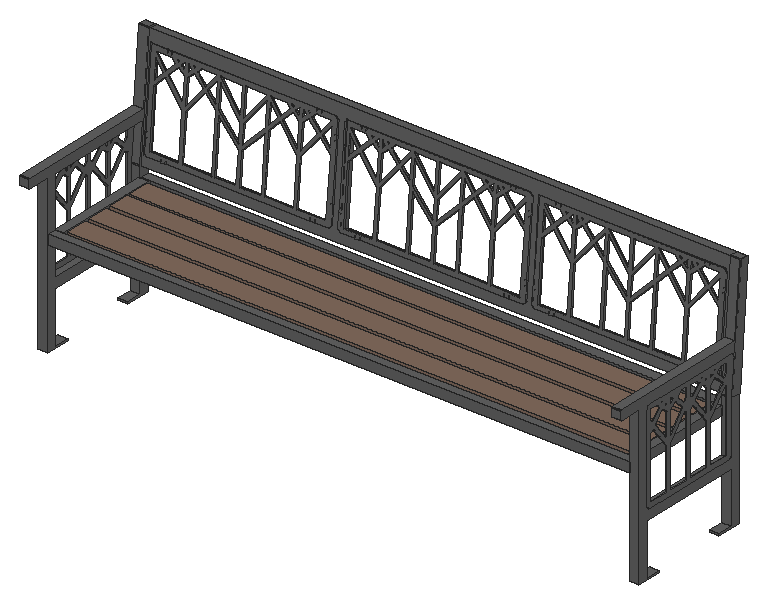
Revit family (continued)
Definition of nested family "Bench-End-SiteScapes-Square_Steel_Tube"
  Lines and regions (in)
    Masking region 3, detail levels medium+fine
      outline origin (0, 0, 0) x (0, 1, 0) y (0, 0, 1)
        loop
          arc (-0.25002, 1.99994) -> (-0.26512, 2.01494) -> (-0.25009, 2.03) r 0.01503
          line (-0.25009, 2.03) -> (-0.00003, 2.03) -> (-0.00003, 2.78) -> (-0.25009, 2.78)
          arc (-0.25009, 2.78) -> (-0.26512, 2.79503) -> (-0.25009, 2.81006) r 0.01503
          line (-0.25009, 2.81006) -> (-0.00003, 2.81006) -> (-0.00003, 7.49171) -> (-0.25005, 7.49171)
          arc (-0.25005, 7.49171) -> (-0.26512, 7.50672) -> (-0.25009, 7.52177) r 0.01503
          line (-0.25009, 7.52177) -> (-0.00003, 7.52177) -> (-0.00003, 8.27177) -> (-0.25009, 8.27177)
          arc (-0.25009, 8.27177) -> (-0.26512, 8.2868) -> (-0.25009, 8.30183) r 0.01503
          line (-0.25009, 8.30183) -> (-0.00003, 8.30183) -> (-0.00003, 8.55177) -> (0.51004, 14.3819) -> (0.09209, 14.88) -> (-1.44632, 14.88) -> (-1.44632, 14.63001)
          arc (-1.44632, 14.63001) -> (-1.46129, 14.61486) -> (-1.47638, 14.62989) r 0.01503
          line (-1.47638, 14.62989) -> (-1.47638, 14.88) -> (-2.22638, 14.88) -> (-2.22638, 14.62994)
          arc (-2.22638, 14.62994) -> (-2.24141, 14.61491) -> (-2.25644, 14.62994) r 0.01503
          line (-2.25644, 14.62994) -> (-2.25644, 14.88)
        loop
          line (-14.87813, 14.16875) -> (-16.10003, 14.16875)
          arc (-16.10003, 14.16875) -> (-16.12124, 14.15996) -> (-16.13003, 14.13875) r 0.03
          line (-16.13003, 14.13875) -> (-16.13003, 12.61553) -> (-15.63586, 11.98918)
          arc (-15.63586, 11.98918) -> (-15.58972, 11.96555) -> (-15.54161, 11.98487) r 0.0625
          line (-15.54161, 11.98487) -> (-14.15542, 13.43984)
          arc (-14.15542, 13.43984) -> (-14.13823, 13.48554) -> (-14.15915, 13.52966) r 0.0625
          line (-14.15915, 13.52966) -> (-14.87813, 14.16875)
        loop
          arc (-13.50926, 14.11806) -> (-13.50341, 14.15057) -> (-13.53099, 14.16875) r 0.03
          line (-13.53099, 14.16875) -> (-13.95255, 14.16875)
          arc (-13.95255, 14.16875) -> (-13.98059, 14.14941) -> (-13.97248, 14.11633) r 0.03
          line (-13.97248, 14.11633) -> (-13.76769, 13.93429)
          arc (-13.76769, 13.93429) -> (-13.72357, 13.91856) -> (-13.68091, 13.93789) r 0.0625
          line (-13.68091, 13.93789) -> (-13.50926, 14.11806)
        loop
          arc (-13.25732, 13.56703) -> (-13.27446, 13.52135) -> (-13.25353, 13.47727) r 0.0625
          line (-13.25353, 13.47727) -> (-12.75891, 13.03761)
          arc (-12.75891, 13.03761) -> (-12.72535, 13.03245) -> (-12.7069, 13.06096) r 0.03125
          line (-12.7069, 13.06096) -> (-12.7069, 14.06666)
          arc (-12.7069, 14.06666) -> (-12.72654, 14.09567) -> (-12.76078, 14.08821) r 0.03125
          line (-12.76078, 14.08821) -> (-13.25732, 13.56703)
        loop
          arc (-16.07642, 11.6899) -> (-16.10982, 11.69974) -> (-16.13003, 11.67138) r 0.03
          line (-16.13003, 11.67138) -> (-16.13003, 11.44224)
          arc (-16.13003, 11.44224) -> (-16.11113, 11.41437) -> (-16.07824, 11.42161) r 0.03
          line (-16.07824, 11.42161) -> (-15.99892, 11.50487)
          arc (-15.99892, 11.50487) -> (-15.98168, 11.54509) -> (-15.99505, 11.58676) r 0.0625
          line (-15.99505, 11.58676) -> (-16.07642, 11.6899)
        loop
          arc (-15.20201, 11.52586) -> (-15.21915, 11.48567) -> (-15.20579, 11.44407) r 0.0625
          line (-15.20579, 11.44407) -> (-12.81847, 8.4182)
          arc (-12.81847, 8.4182) -> (-12.74891, 8.39787) -> (-12.7069, 8.45691) r 0.0625
          line (-12.7069, 8.45691) -> (-12.7069, 12.23877) -> (-13.64492, 13.07257)
          arc (-13.64492, 13.07257) -> (-13.68912, 13.08837) -> (-13.73186, 13.06895) r 0.0625
          line (-13.73186, 13.06895) -> (-15.20201, 11.52586)
        loop
          arc (-15.5649, 11.04156) -> (-15.61106, 11.06528) -> (-15.65922, 11.04596) r 0.0625
          line (-15.65922, 11.04596) -> (-16.13, 10.55182) -> (-16.13, 0.74126)
          arc (-16.13, 0.74126) -> (-16.12121, 0.72004) -> (-16.09999, 0.71125) r 0.03001
          line (-16.09999, 0.71125) -> (-12.73686, 0.71125)
          arc (-12.73686, 0.71125) -> (-12.71566, 0.72003) -> (-12.70687, 0.74124) r 0.02999
          line (-12.70687, 0.74124) -> (-12.70687, 7.41907) -> (-15.5649, 11.04156)
        loop
          arc (-12.0905, 14.08821) -> (-12.12473, 14.09567) -> (-12.14437, 14.06666) r 0.03125
          line (-12.14437, 14.06666) -> (-12.14437, 13.06096)
          arc (-12.14437, 13.06096) -> (-12.12593, 13.03245) -> (-12.09236, 13.03761) r 0.03125
          line (-12.09236, 13.03761) -> (-11.59774, 13.47727)
          arc (-11.59774, 13.47727) -> (-11.57682, 13.52135) -> (-11.59395, 13.56703) r 0.0625
          line (-11.59395, 13.56703) -> (-12.0905, 14.08821)
        loop
          arc (-10.8788, 14.11633) -> (-10.87069, 14.14941) -> (-10.89873, 14.16875) r 0.03
          line (-10.89873, 14.16875) -> (-11.32029, 14.16875)
          arc (-11.32029, 14.16875) -> (-11.34787, 14.15057) -> (-11.34201, 14.11806) r 0.03
          line (-11.34201, 14.11806) -> (-11.17036, 13.93789)
          arc (-11.17036, 13.93789) -> (-11.1277, 13.91856) -> (-11.08359, 13.93429) r 0.0625
          line (-11.08359, 13.93429) -> (-10.8788, 14.11633)
        loop
          arc (-10.69212, 13.52966) -> (-10.71305, 13.48554) -> (-10.69585, 13.43984) r 0.0625
          line (-10.69585, 13.43984) -> (-9.30966, 11.98487)
          arc (-9.30966, 11.98487) -> (-9.26156, 11.96555) -> (-9.21542, 11.98918) r 0.0625
          line (-9.21542, 11.98918) -> (-8.72125, 12.61553) -> (-8.72125, 14.13875)
          arc (-8.72125, 14.13875) -> (-8.73004, 14.15996) -> (-8.75125, 14.16875) r 0.03
          line (-8.75125, 14.16875) -> (-9.97315, 14.16875) -> (-10.69212, 13.52966)
        loop
          arc (-11.11942, 13.06895) -> (-11.16215, 13.08837) -> (-11.20635, 13.07257) r 0.0625
          line (-11.20635, 13.07257) -> (-12.14437, 12.23877) -> (-12.14437, 8.45691)
          arc (-12.14437, 8.45691) -> (-12.10236, 8.39787) -> (-12.03281, 8.4182) r 0.0625
          line (-12.03281, 8.4182) -> (-9.64549, 11.44407)
          arc (-9.64549, 11.44407) -> (-9.63212, 11.48567) -> (-9.64927, 11.52586) r 0.0625
          line (-9.64927, 11.52586) -> (-11.11942, 13.06895)
        loop
          arc (-8.77303, 11.42161) -> (-8.74015, 11.41437) -> (-8.72125, 11.44224) r 0.03
          line (-8.72125, 11.44224) -> (-8.72125, 11.67138)
          arc (-8.72125, 11.67138) -> (-8.74145, 11.69974) -> (-8.77485, 11.6899) r 0.03
          line (-8.77485, 11.6899) -> (-8.85623, 11.58676)
          arc (-8.85623, 11.58676) -> (-8.86959, 11.54509) -> (-8.85236, 11.50487) r 0.0625
          line (-8.85236, 11.50487) -> (-8.77303, 11.42161)
        loop
          line (-12.1444, 7.41907) -> (-12.1444, 0.74124)
          arc (-12.1444, 0.74124) -> (-12.13562, 0.72003) -> (-12.11441, 0.71125) r 0.02999
          line (-12.11441, 0.71125) -> (-8.75129, 0.71125)
          arc (-8.75129, 0.71125) -> (-8.73007, 0.72004) -> (-8.72128, 0.74126) r 0.03001
          line (-8.72128, 0.74126) -> (-8.72128, 10.55182) -> (-9.19206, 11.04596)
          arc (-9.19206, 11.04596) -> (-9.24022, 11.06528) -> (-9.28637, 11.04156) r 0.0625
          line (-9.28637, 11.04156) -> (-12.1444, 7.41907)
        loop
          line (-8.1588, 12.61553) -> (-7.66463, 11.98918)
          arc (-7.66463, 11.98918) -> (-7.61849, 11.96555) -> (-7.57039, 11.98487) r 0.0625
          line (-7.57039, 11.98487) -> (-6.1842, 13.43984)
          arc (-6.1842, 13.43984) -> (-6.167, 13.48554) -> (-6.18793, 13.52966) r 0.0625
          line (-6.18793, 13.52966) -> (-6.9069, 14.16875) -> (-8.1288, 14.16875)
          arc (-8.1288, 14.16875) -> (-8.15002, 14.15996) -> (-8.1588, 14.13875) r 0.03
          line (-8.1588, 14.13875) -> (-8.1588, 12.61553)
        loop
          arc (-5.53804, 14.11806) -> (-5.53219, 14.15057) -> (-5.55976, 14.16875) r 0.03
          line (-5.55976, 14.16875) -> (-5.98132, 14.16875)
          arc (-5.98132, 14.16875) -> (-6.00936, 14.14941) -> (-6.00125, 14.11633) r 0.03
          line (-6.00125, 14.11633) -> (-5.79646, 13.93429)
          arc (-5.79646, 13.93429) -> (-5.75235, 13.91856) -> (-5.70969, 13.93789) r 0.0625
          line (-5.70969, 13.93789) -> (-5.53804, 14.11806)
        loop
          arc (-8.02769, 11.50487) -> (-8.01046, 11.54509) -> (-8.02382, 11.58676) r 0.0625
          line (-8.02382, 11.58676) -> (-8.1052, 11.6899)
          arc (-8.1052, 11.6899) -> (-8.1386, 11.69974) -> (-8.1588, 11.67138) r 0.03
          line (-8.1588, 11.67138) -> (-8.1588, 11.44224)
          arc (-8.1588, 11.44224) -> (-8.1399, 11.41437) -> (-8.10702, 11.42161) r 0.03
          line (-8.10702, 11.42161) -> (-8.02769, 11.50487)
        loop
          arc (-4.78769, 13.03761) -> (-4.75413, 13.03245) -> (-4.73568, 13.06096) r 0.03125
          line (-4.73568, 13.06096) -> (-4.73568, 14.06666)
          arc (-4.73568, 14.06666) -> (-4.75532, 14.09567) -> (-4.78955, 14.08821) r 0.03125
          line (-4.78955, 14.08821) -> (-5.2861, 13.56703)
          arc (-5.2861, 13.56703) -> (-5.30323, 13.52135) -> (-5.28231, 13.47727) r 0.0625
          line (-5.28231, 13.47727) -> (-4.78769, 13.03761)
        loop
          arc (-5.6737, 13.07257) -> (-5.7179, 13.08837) -> (-5.76063, 13.06895) r 0.0625
          line (-5.76063, 13.06895) -> (-7.23078, 11.52586)
          arc (-7.23078, 11.52586) -> (-7.24793, 11.48567) -> (-7.23456, 11.44407) r 0.0625
          line (-7.23456, 11.44407) -> (-4.84724, 8.4182)
          arc (-4.84724, 8.4182) -> (-4.77769, 8.39787) -> (-4.73568, 8.45691) r 0.0625
          line (-4.73568, 8.45691) -> (-4.73568, 12.23877) -> (-5.6737, 13.07257)
        loop
          arc (-7.59368, 11.04156) -> (-7.63983, 11.06528) -> (-7.68799, 11.04596) r 0.0625
          line (-7.68799, 11.04596) -> (-8.15878, 10.55182) -> (-8.15878, 0.74126)
          arc (-8.15878, 0.74126) -> (-8.14999, 0.72004) -> (-8.12877, 0.71125) r 0.03001
          line (-8.12877, 0.71125) -> (-4.76564, 0.71125)
          arc (-4.76564, 0.71125) -> (-4.74443, 0.72003) -> (-4.73565, 0.74124) r 0.02999
          line (-4.73565, 0.74124) -> (-4.73565, 7.41907) -> (-7.59368, 11.04156)
        loop
          line (-0.75002, 12.61553) -> (-0.75002, 14.13875)
          arc (-0.75002, 14.13875) -> (-0.75881, 14.15996) -> (-0.78002, 14.16875) r 0.03
          line (-0.78002, 14.16875) -> (-2.00192, 14.16875) -> (-2.7209, 13.52966)
          arc (-2.7209, 13.52966) -> (-2.74182, 13.48554) -> (-2.72463, 13.43984) r 0.0625
          line (-2.72463, 13.43984) -> (-1.33844, 11.98487)
          arc (-1.33844, 11.98487) -> (-1.29033, 11.96555) -> (-1.24419, 11.98918) r 0.0625
          line (-1.24419, 11.98918) -> (-0.75002, 12.61553)
        loop
          line (-3.37079, 14.11806) -> (-3.19914, 13.93789)
          arc (-3.19914, 13.93789) -> (-3.15648, 13.91856) -> (-3.11237, 13.93429) r 0.0625
          line (-3.11237, 13.93429) -> (-2.90757, 14.11633)
          arc (-2.90757, 14.11633) -> (-2.89946, 14.14941) -> (-2.92751, 14.16875) r 0.03
          line (-2.92751, 14.16875) -> (-3.34907, 14.16875)
          arc (-3.34907, 14.16875) -> (-3.37664, 14.15057) -> (-3.37079, 14.11806) r 0.03
        loop
          line (-0.88113, 11.50487) -> (-0.80181, 11.42161)
          arc (-0.80181, 11.42161) -> (-0.76892, 11.41437) -> (-0.75002, 11.44224) r 0.03
          line (-0.75002, 11.44224) -> (-0.75002, 11.67138)
          arc (-0.75002, 11.67138) -> (-0.77023, 11.69974) -> (-0.80363, 11.6899) r 0.03
          line (-0.80363, 11.6899) -> (-0.88501, 11.58676)
          arc (-0.88501, 11.58676) -> (-0.89837, 11.54509) -> (-0.88113, 11.50487) r 0.0625
        loop
          line (-4.12114, 13.03761) -> (-3.62652, 13.47727)
          arc (-3.62652, 13.47727) -> (-3.60559, 13.52135) -> (-3.62273, 13.56703) r 0.0625
          line (-3.62273, 13.56703) -> (-4.11927, 14.08821)
          arc (-4.11927, 14.08821) -> (-4.15351, 14.09567) -> (-4.17315, 14.06666) r 0.03125
          line (-4.17315, 14.06666) -> (-4.17315, 13.06096)
          arc (-4.17315, 13.06096) -> (-4.1547, 13.03245) -> (-4.12114, 13.03761) r 0.03125
        loop
          line (-3.23513, 13.07257) -> (-4.17315, 12.23877) -> (-4.17315, 8.45691)
          arc (-4.17315, 8.45691) -> (-4.13114, 8.39787) -> (-4.06158, 8.4182) r 0.0625
          line (-4.06158, 8.4182) -> (-1.67427, 11.44407)
          arc (-1.67427, 11.44407) -> (-1.6609, 11.48567) -> (-1.67805, 11.52586) r 0.0625
          line (-1.67805, 11.52586) -> (-3.14819, 13.06895)
          arc (-3.14819, 13.06895) -> (-3.19093, 13.08837) -> (-3.23513, 13.07257) r 0.0625
        loop
          line (-1.31515, 11.04156) -> (-4.17318, 7.41907) -> (-4.17318, 0.74124)
          arc (-4.17318, 0.74124) -> (-4.16439, 0.72003) -> (-4.14319, 0.71125) r 0.02999
          line (-4.14319, 0.71125) -> (-0.78006, 0.71125)
          arc (-0.78006, 0.71125) -> (-0.75884, 0.72004) -> (-0.75005, 0.74126) r 0.03001
          line (-0.75005, 0.74126) -> (-0.75005, 10.55182) -> (-1.22083, 11.04596)
          arc (-1.22083, 11.04596) -> (-1.26899, 11.06528) -> (-1.31515, 11.04156) r 0.0625
    Masking region 4, detail levels medium+fine
      outline origin (0, -16.88, 0) x (-1, 0, 0) y (0, 0, 1)
        loop
          line (0.5, 8.5) -> (-0.5, 8.5) -> (-0.5, 0) -> (0.5, 0) -> (0.5, 8.5)
        loop
          line (0.5, 14.88) -> (-0.5, 14.88) -> (-0.5, 9.25) -> (0.5, 9.25) -> (0.5, 14.88)
        loop
          line (0.5, 9.20224) -> (-0.5, 9.20224) -> (-0.5, 8.55177) -> (0.5, 8.55177) -> (0.5, 9.20224)
    Masking region 5, detail levels medium+fine
      outline origin (0, 0, 0) x (1, 0, 0) y (0, 1, 0)
        loop
          line (-0.5, 0.51004) -> (-0.5, 0.09209) -> (0.5, 0.09209) -> (0.5, 0.51004) -> (-0.5, 0.51004)
        loop
          line (-0.5, -16.88) -> (0.5, -16.88) -> (0.5, 0) -> (-0.5, 0) -> (-0.5, -16.88)
    model lines, style "Bench Frame", detail levels coarse
      curve 1: line (0, -16.50501, 14.52438) -> (0, -0.18746, 14.52438)
      curve 2: line (0, -16.50501, 0.35563) -> (0, -16.50501, 14.52438)
      curve 3: line (0, -16.50501, 0.35563) -> (0, -0.18746, 0.35563)
      curve 4: line (0, -12.42562, 0.35563) -> (0, -12.42562, 14.52438)
      curve 5: line (0, -16.50501, 10.56593) -> (0, -12.7337, 14.52438)
      curve 6: line (0, -12.42562, 7.49142) -> (0, -16.50501, 12.66196)
      curve 7: line (0, -14.85487, 14.52438) -> (0, -12.42562, 12.36505)
      curve 8: line (0, -8.34623, 0.35563) -> (0, -8.34623, 14.52438)
      curve 9: line (0, -8.34623, 10.56593) -> (0, -12.11755, 14.52438)
      curve 10: line (0, -12.42562, 7.49142) -> (0, -8.34623, 12.66196)
      curve 11: line (0, -9.99638, 14.52438) -> (0, -12.42562, 12.36505)
      curve 12: line (0, -4.26685, 0.35563) -> (0, -4.26685, 14.52438)
      curve 13: line (0, -8.34623, 10.56593) -> (0, -4.57492, 14.52438)
      curve 14: line (0, -4.26685, 7.49142) -> (0, -8.34623, 12.66196)
      curve 15: line (0, -6.69609, 14.52438) -> (0, -4.26685, 12.36505)
      curve 16: line (0, -0.18746, 0.35563) -> (0, -0.18746, 14.52438)
      curve 17: line (0, -0.18746, 10.56593) -> (0, -3.95877, 14.52438)
      curve 18: line (0, -4.26685, 7.49142) -> (0, -0.18746, 12.66196)
      curve 19: line (0, -1.8376, 14.52438) -> (0, -4.26685, 12.36505)
  Dimensions and locks (in)
    equal spacing: plane 4 "Left", plane 3 "Center (Left/Right)", plane 5 "Right"
    "Thickness": plane 4 "Left" to plane 5 "Right"
    "Depth": plane 6 "Front" to plane 1 "Center (Front/Back)"
    locked: plane 8 "Back Inset" to plane 1 "Center (Front/Back)" at 0.75
    locked: plane 6 "Front" to plane 7 "Front Inset" at 0.75
    "Height": plane 10 "Top" to plane 2 "Original Bottom"
    locked: plane 10 "Top" to plane 11 at 0.71125
    locked: plane 12 "Bottom Inset" to plane 2 "Original Bottom" at 0.71125
    aligned and locked: plane 2 "Original Bottom" to level
    aligned and locked: plane 5 "Right" to Sweep 1 sketch curve
    aligned and locked: plane 4 "Left" to Sweep 1 sketch curve
    aligned and locked: plane 6 "Front" to Masking region 1 sketch curve
    aligned and locked: plane 1 "Center (Front/Back)" to Masking region 1 sketch curve
    aligned and locked: Masking region 1 sketch curve to plane 5 "Right"
    aligned and locked: Masking region 1 sketch curve to plane 4 "Left"
    aligned and locked: Masking region 2 sketch curve to plane 5 "Right"
    aligned and locked: Masking region 2 sketch curve to plane 4 "Left"
    aligned and locked: plane 2 "Original Bottom" to Masking region 2 sketch curve
    aligned and locked: plane 7 "Front Inset" to Sweep 1
    aligned and locked: plane 10 "Top" to Sweep 1
    aligned and locked: Sweep 1 to plane 11
    aligned and locked: plane 4 "Left" to Sweep 1
    aligned and locked: Sweep 1 to plane 5 "Right"
    aligned and locked: Masking region 3 sketch curve to Sweep 1  (x112)
    aligned and locked: Masking region 4 sketch curve to Sweep 1  (x6)
    aligned and locked: plane 9 "Top Inset" to Masking region 4 sketch curve
    aligned and locked: Sweep 1 to Masking region 4 sketch curve
    aligned and locked: Masking region 4 sketch curve to Masking region 2  (x2)
    aligned and locked: plane 4 "Left" to Masking region 4 sketch curve
    aligned and locked: Masking region 5 sketch curve to Sweep 1  (x5)
    aligned and locked: Masking region 5 sketch curve to Masking region 1  (x2)
  Automatic sketch dimensions
    plane 6 "Front" to curve 2 = 0' - 0 3/8"
    curve 11 to plane 11 = 0' - 1.8037"
    curve 5 to curve 11 = 0' - 0.30807"
    curve 9 to curve 11 = 0' - 2.12117"
    curve 15 to curve 13 = 0' - 2.12117"
    curve 18 to plane 9 "Top Inset" = 0' - 1.00858"
    curve 18 to plane 8 "Back Inset" = 0' - 3.51685"
    plane 1 "Center (Front/Back)" to curve 16 = 0' - 0.18746"
    curve 14 to curve 18 = 0' - 0"
    curve 10 to plane 9 "Top Inset" = 0' - 1.00858"
    curve 6 to curve 10 = 0' - 0"
    plane 9 "Top Inset" to curve 13 = 0' - 2.06593"
    curve 9 to curve 13 = 0' - 0"
    curve 15 to plane 11 = 0' - 1.8037"
    curve 19 to curve 15 = 0' - 0"
    curve 7 to curve 11 = 0' - 0"
    curve 14 to plane 11 = 0' - 1.50679"
    curve 10 to curve 14 = 0' - 0"
    curve 18 to plane 11 = 0' - 1.50679"
    plane 9 "Top Inset" to Sweep 1 sketch curve = 0' - 0 3/4"
    profile plane to Sweep 1 sketch curve = 0' - 5.63"  (x2)
    plane 1 "Center (Front/Back)" to Sweep 1 sketch curve = 0' - 1.44632"
    Sweep 1 sketch curve to Sweep 1 sketch curve = 0' - 0"  (x36)
    Sweep 1 sketch curve to Sweep 1 sketch curve = 0' - 0 1/4"  (x5)
    Sweep 1 sketch curve to Sweep 1 sketch curve = 0' - 0.25006"  (x3)
    Sweep 1 sketch curve to Sweep 1 sketch curve = 0' - 0.00004"
    Sweep 1 sketch curve to Sweep 1 sketch curve = 0' - 0.25007"  (x2)
    Sweep 1 sketch curve to Sweep 1 sketch curve = 0' - 0.00012"
    Sweep 1 sketch curve to plane 1 "Center (Front/Back)" = 0' - 0.51004"
    Sweep 1 sketch curve to Sweep 1 sketch curve = 0' - 0.4981"
    Sweep 1 sketch curve to Sweep 1 sketch curve = 0' - 0 1/2"  (x2)
    Sweep 1 sketch curve to Sweep 1 sketch curve = 0' - 0.71125"
    Sweep 1 sketch curve to Sweep 1 sketch curve = 0' - 0.46123"  (x2)
    plane 1 "Center (Front/Back)" to Sweep 1 sketch curve = 0' - 2.00192"
    Sweep 1 sketch curve to Sweep 1 sketch curve = 0' - 0.46119"  (x3)
    Sweep 1 sketch curve to Sweep 1 sketch curve = 0' - 0.03"  (x15)
    Sweep 1 sketch curve to Sweep 1 sketch curve = 0' - 0.02069"  (x4)
    plane 1 "Center (Front/Back)" to Sweep 1 sketch curve = 0' - 3.37079"
    Sweep 1 sketch curve to Sweep 1 sketch curve = 0' - 0.02242"  (x4)
    plane 1 "Center (Front/Back)" to Sweep 1 sketch curve = 0' - 2.90757"
    Sweep 1 sketch curve to Sweep 1 sketch curve = 0' - 0.02984"  (x2)
    Sweep 1 sketch curve to Sweep 1 sketch curve = 0' - 0.02156"  (x4)
    Sweep 1 sketch curve to Sweep 1 sketch curve = 0' - 0.15775"  (x4)
    Sweep 1 sketch curve to Sweep 1 sketch curve = 0' - 0.04311"  (x14)
    Sweep 1 sketch curve to Sweep 1 sketch curve = 0' - 0.04671"  (x12)
    plane 1 "Center (Front/Back)" to Sweep 1 sketch curve = 0' - 3.11237"
    Sweep 1 sketch curve to Sweep 1 sketch curve = 0' - 0.37086"  (x4)
    Sweep 1 sketch curve to Sweep 1 sketch curve = 0' - 0.40463"  (x4)
    Sweep 1 sketch curve to Sweep 1 sketch curve = 0' - 0.04305"  (x4)
    Sweep 1 sketch curve to Sweep 1 sketch curve = 0' - 0.4047"  (x4)
    Sweep 1 sketch curve to Sweep 1 sketch curve = 0' - 0.00362"  (x4)
    Sweep 1 sketch curve to Sweep 1 sketch curve = 0' - 0.46302"  (x2)
    Sweep 1 sketch curve to Sweep 1 sketch curve = 0' - 0.02336"  (x4)
    Sweep 1 sketch curve to Sweep 1 sketch curve = 0' - 0.04302"  (x2)
    Sweep 1 sketch curve to Sweep 1 sketch curve = 0' - 0.04664"  (x2)
    Sweep 1 sketch curve to Sweep 1 sketch curve = 0' - 1.25869"
    Sweep 1 sketch curve to Sweep 1 sketch curve = 0' - 0.01503"  (x18)
    Sweep 1 sketch curve to Sweep 1 sketch curve = 0' - 0.03006"  (x3)
    Sweep 1 sketch curve to Sweep 1 sketch curve = 0' - 1.52322"  (x2)
    plane 1 "Center (Front/Back)" to Sweep 1 sketch curve = 0' - 0.75002"
    Sweep 1 sketch curve to Sweep 1 sketch curve = 0' - 0.23447"
    Sweep 1 sketch curve to Sweep 1 sketch curve = 0' - 0.79883"  (x2)
    Sweep 1 sketch curve to Sweep 1 sketch curve = 0' - 0 3/4"  (x7)
    Sweep 1 sketch curve to Sweep 1 sketch curve = 0' - 0.58755"  (x4)
    Sweep 1 sketch curve to Sweep 1 sketch curve = 0' - 0.0388"  (x4)
    plane 1 "Center (Front/Back)" to Sweep 1 sketch curve = 0' - 1.33844"
    Sweep 1 sketch curve to Sweep 1 sketch curve = 0' - 0.29928"  (x4)
    plane 1 "Center (Front/Back)" to Sweep 1 sketch curve = 0' - 0.80363"
    Sweep 1 sketch curve to Sweep 1 sketch curve = 0' - 0.01852"  (x4)
    plane 1 "Center (Front/Back)" to Sweep 1 sketch curve = 0' - 0.88501"
    Sweep 1 sketch curve to Sweep 1 sketch curve = 0' - 0.10314"  (x4)
    Sweep 1 sketch curve to Sweep 1 sketch curve = 0' - 0.03871"  (x14)
    Sweep 1 sketch curve to Sweep 1 sketch curve = 0' - 0.45901"  (x4)
    plane 1 "Center (Front/Back)" to Sweep 1 sketch curve = 0' - 0.88113"
    Sweep 1 sketch curve to Sweep 1 sketch curve = 0' - 0.04317"  (x4)
    Sweep 1 sketch curve to Sweep 1 sketch curve = 0' - 0.04307"  (x4)
    Sweep 1 sketch curve to Sweep 1 sketch curve = 0' - 0.10581"  (x4)
    Sweep 1 sketch curve to Sweep 1 sketch curve = 0' - 0.02063"  (x4)
    Sweep 1 sketch curve to Sweep 1 sketch curve = 0' - 0.37565"  (x4)
    Sweep 1 sketch curve to Sweep 1 sketch curve = 0' - 0.0044"  (x4)
    plane 1 "Center (Front/Back)" to Sweep 1 sketch curve = 0' - 1.31515"
    Sweep 1 sketch curve to Sweep 1 sketch curve = 0' - 0.49414"  (x3)
    plane 1 "Center (Front/Back)" to Sweep 1 sketch curve = 0' - 0.00003"  (x5)
    Sweep 1 sketch curve to profile plane = 0' - 0.69823"
    Sweep 1 sketch curve to profile plane = 0' - 0.79309"  (x2)
    Sweep 1 sketch curve to Sweep 1 sketch curve = 0' - 0.24994"
    Sweep 1 sketch curve to Sweep 1 sketch curve = 0' - 0.99913"  (x2)
    plane 1 "Center (Front/Back)" to Sweep 1 sketch curve = 0' - 0.25009"
    Sweep 1 sketch curve to Sweep 1 sketch curve = 0' - 4.68165"
    Sweep 1 sketch curve to Sweep 1 sketch curve = 0' - 4.60901"
    Sweep 1 sketch curve to Sweep 1 sketch curve = 0' - 1.25868"  (x2)
    Sweep 1 sketch curve to Sweep 1 sketch curve = 0' - 6.67781"
    Sweep 1 sketch curve to Sweep 1 sketch curve = 0' - 0.02999"  (x2)
    Sweep 1 sketch curve to Sweep 1 sketch curve = 0' - 0.03001"  (x2)
    Sweep 1 sketch curve to Sweep 1 sketch curve = 0' - 0.24126"  (x2)
    Sweep 1 sketch curve to Sweep 1 sketch curve = 0' - 0.4612"
    Sweep 1 sketch curve to Sweep 1 sketch curve = 0' - 0.00003"  (x2)
    Sweep 1 sketch curve to plane 1 "Center (Front/Back)" = 0' - 0.09209"
    plane 1 "Center (Front/Back)" to Sweep 1 sketch curve = 0' - 0.50003"
    Sweep 1 sketch curve to Sweep 1 sketch curve = 0' - 0.0536"
    Sweep 1 sketch curve to Sweep 1 sketch curve = 0' - 0.5651"
    Sweep 1 sketch curve to Sweep 1 sketch curve = 0' - 0.09432"
    Sweep 1 sketch curve to Sweep 1 sketch curve = 0' - 0.09425"
    Sweep 1 sketch curve to Sweep 1 sketch curve = 0' - 0.35912"  (x4)
    Sweep 1 sketch curve to Sweep 1 sketch curve = 0' - 0.00378"  (x2)
    Sweep 1 sketch curve to Sweep 1 sketch curve = 0' - 1.21991"
    Sweep 1 sketch curve to Sweep 1 sketch curve = 0' - 0.22445"
    Sweep 1 sketch curve to Sweep 1 sketch curve = 0' - 0.43299"
    Sweep 1 sketch curve to Sweep 1 sketch curve = 0' - 0.04152"  (x6)
    Sweep 1 sketch curve to Sweep 1 sketch curve = 0' - 0.42356"  (x4)
    Sweep 1 sketch curve to Sweep 1 sketch curve = 0' - 0.04534"  (x2)
    Sweep 1 sketch curve to Sweep 1 sketch curve = 0' - 0.42359"  (x2)
    Sweep 1 sketch curve to Sweep 1 sketch curve = 0' - 0.00379"  (x2)
    Sweep 1 sketch curve to Sweep 1 sketch curve = 0' - 2.74643"  (x2)
    Sweep 1 sketch curve to Sweep 1 sketch curve = 0' - 0.04907"  (x4)
    Sweep 1 sketch curve to Sweep 1 sketch curve = 0' - 0.49654"  (x2)
    Sweep 1 sketch curve to Sweep 1 sketch curve = 0' - 0.49462"  (x2)
    Sweep 1 sketch curve to Sweep 1 sketch curve = 0' - 0.02076"  (x2)
    Sweep 1 sketch curve to Sweep 1 sketch curve = 0' - 1.3331"  (x2)
    Sweep 1 sketch curve to Sweep 1 sketch curve = 0' - 0.56247"  (x2)
    Sweep 1 sketch curve to Sweep 1 sketch curve = 0' - 0.56253"  (x4)
    Sweep 1 sketch curve to Sweep 1 sketch curve = 0' - 0 1/32"  (x4)
    Sweep 1 sketch curve to Sweep 1 sketch curve = 0' - 0 1/16"  (x2)
    Sweep 1 sketch curve to Sweep 1 sketch curve = 0' - 0.47386"  (x2)
    Sweep 1 sketch curve to Sweep 1 sketch curve = 0' - 0.25194"  (x2)
    Sweep 1 sketch curve to Sweep 1 sketch curve = 0' - 0.39139"  (x2)
    Sweep 1 sketch curve to Sweep 1 sketch curve = 0' - 0.17165"  (x2)
    Sweep 1 sketch curve to Sweep 1 sketch curve = 0' - 0.0416"  (x2)
    Sweep 1 sketch curve to Sweep 1 sketch curve = 0' - 0.04525"  (x5)
    Sweep 1 sketch curve to Sweep 1 sketch curve = 0' - 0.18486"  (x2)
    Sweep 1 sketch curve to Sweep 1 sketch curve = 0' - 0.00373"  (x2)
    Sweep 1 sketch curve to Sweep 1 sketch curve = 0' - 0.90565"
    Sweep 1 sketch curve to Sweep 1 sketch curve = 0' - 1.47019"  (x2)
    Sweep 1 sketch curve to Sweep 1 sketch curve = 0' - 0.04529"  (x2)
    Sweep 1 sketch curve to Sweep 1 sketch curve = 0' - 0.33961"  (x2)
    Sweep 1 sketch curve to Sweep 1 sketch curve = 0' - 0.35919"  (x2)
    Sweep 1 sketch curve to Sweep 1 sketch curve = 0' - 0.00387"  (x2)
    Sweep 1 sketch curve to Sweep 1 sketch curve = 0' - 0.08138"  (x2)
    Sweep 1 sketch curve to Sweep 1 sketch curve = 0' - 0.07933"  (x2)
    Sweep 1 sketch curve to Sweep 1 sketch curve = 0' - 3.36313"  (x2)
    Sweep 1 sketch curve to Sweep 1 sketch curve = 0' - 1.2219"  (x3)
    Sweep 1 sketch curve to Sweep 1 sketch curve = 0' - 0.0236"
    Sweep 1 sketch curve to Sweep 1 sketch curve = 0' - 0.56245"  (x2)
    Sweep 1 sketch curve to Sweep 1 sketch curve = 0' - 0 9/16"
    Sweep 1 sketch curve to Sweep 1 sketch curve = 0' - 0.05591"
    Sweep 1 sketch curve to Sweep 1 sketch curve = 0' - 0.0452"
    Sweep 1 sketch curve to Sweep 1 sketch curve = 0' - 0.41902"
    Sweep 1 sketch curve to Sweep 1 sketch curve = 0' - 0.44056"
    Sweep 1 sketch curve to Sweep 1 sketch curve = 0' - 0.049"
    Sweep 1 sketch curve to Sweep 1 sketch curve = 0' - 0.67745"
    Sweep 1 sketch curve to Sweep 1 sketch curve = 0' - 0.18667"
    Sweep 1 sketch curve to Sweep 1 sketch curve = 0' - 0.20479"
    Sweep 1 sketch curve to Sweep 1 sketch curve = 0' - 0.19518"
    Sweep 1 sketch curve to Sweep 1 sketch curve = 0' - 0.11742"
    Sweep 1 sketch curve to Sweep 1 sketch curve = 0' - 0.00196"
    Sweep 1 sketch curve to Sweep 1 sketch curve = 0' - 1.2199"
    Sweep 1 sketch curve to Sweep 1 sketch curve = 0' - 0.02178"
    Sweep 1 sketch curve to Sweep 1 sketch curve = 0' - 0.28004"
    Sweep 1 sketch curve to Sweep 1 sketch curve = 0' - 0.28"
    Sweep 1 sketch curve to Sweep 1 sketch curve = 0' - 0.49989"
    Sweep 1 sketch curve to Sweep 1 sketch curve = 0' - 0.49992"
    Sweep 1 sketch curve to Sweep 1 sketch curve = 0' - 0.49993"
    plane 9 "Top Inset" to Masking region 2 sketch curve = 0' - 0 3/4"
    Masking region 3 sketch curve to plane 11 = 0' - 0"  (x2)
    Masking region 3 sketch curve to plane 12 "Bottom Inset" = 0' - 0"
    plane 6 "Front" to Masking region 3 sketch curve = 0' - 0.25004"
    plane 6 "Front" to Masking region 3 sketch curve = 0' - 0.25005"
    Masking region 3 sketch curve to Masking region 3 sketch curve = 0' - 0.00003"
    Masking region 3 sketch curve to plane 7 "Front Inset" = 0' - 0.00003"
    plane 7 "Front Inset" to Masking region 3 sketch curve = 0' - 0.02997"
    Masking region 3 sketch curve to Masking region 3 sketch curve = 0' - 0.04907"  (x13)
    plane 7 "Front Inset" to Masking region 3 sketch curve = 0' - 0.47078"
    plane 7 "Front Inset" to Masking region 3 sketch curve = 0' - 0.49414"
    Masking region 3 sketch curve to Masking region 3 sketch curve = 0' - 0.04525"  (x12)
    Masking region 3 sketch curve to Masking region 3 sketch curve = 0' - 0.049"  (x3)
    Masking region 3 sketch curve to Masking region 3 sketch curve = 0' - 0.35912"  (x3)
    Masking region 3 sketch curve to Masking region 3 sketch curve = 0' - 0.00378"  (x2)
    Masking region 3 sketch curve to Masking region 3 sketch curve = 0' - 0.78006"  (x2)
    Masking region 3 sketch curve to Masking region 3 sketch curve = 0' - 0.00196"
    Masking region 3 sketch curve to Masking region 3 sketch curve = 0' - 0.01503"  (x5)
    Masking region 3 sketch curve to Masking region 3 sketch curve = 0' - 0.04152"  (x10)
    Masking region 3 sketch curve to Masking region 3 sketch curve = 0' - 0.03006"  (x3)
    Masking region 3 sketch curve to Masking region 3 sketch curve = 0' - 0.01993"  (x4)
    Masking region 3 sketch curve to plane 11 = 0' - 0.23086"  (x2)
    Masking region 3 sketch curve to plane 11 = 0' - 0.05069"  (x2)
    Masking region 3 sketch curve to Masking region 3 sketch curve = 0' - 0.02263"  (x3)
    Masking region 3 sketch curve to plane 11 = 0' - 1.13115"  (x3)
    Masking region 3 sketch curve to Masking region 3 sketch curve = 0' - 0.56253"  (x3)
    Masking region 3 sketch curve to Masking region 3 sketch curve = 0' - 0 1/32"  (x3)
    Masking region 3 sketch curve to plane 11 = 0' - 0.08054"  (x2)
    Masking region 3 sketch curve to Masking region 3 sketch curve = 0' - 0 1/16"  (x2)
    Masking region 3 sketch curve to plane 9 "Top Inset" = 0' - 0.0818"  (x3)
    Masking region 3 sketch curve to Masking region 3 sketch curve = 0' - 0.02172"  (x3)
    Masking region 3 sketch curve to plane 11 = 0' - 1.09618"
    Masking region 3 sketch curve to Masking region 3 sketch curve = 0' - 0.39139"  (x2)
    Masking region 3 sketch curve to Masking region 3 sketch curve = 0' - 0.0416"  (x3)
    Masking region 3 sketch curve to plane 11 = 0' - 1.0998"  (x3)
    Masking region 3 sketch curve to plane 11 = 0' - 0.23446"
    Masking region 3 sketch curve to plane 11 = 0' - 0.72891"
    Masking region 3 sketch curve to Masking region 3 sketch curve = 0' - 0.90565"
    Masking region 3 sketch curve to plane 11 = 0' - 2.72468"
    Masking region 3 sketch curve to plane 11 = 0' - 2.17957"
    plane 9 "Top Inset" to Masking region 3 sketch curve = 0' - 2.54596"
    Masking region 3 sketch curve to Masking region 3 sketch curve = 0' - 0.0236"  (x3)
    Masking region 3 sketch curve to Masking region 3 sketch curve = 0' - 0.03"  (x2)
    Masking region 3 sketch curve to Masking region 3 sketch curve = 0' - 0.03001"
    Masking region 3 sketch curve to plane 11 = 0' - 2.74714"
    Masking region 3 sketch curve to Masking region 3 sketch curve = 0' - 0.05591"
    Masking region 3 sketch curve to plane 11 = 0' - 2.66388"
    Masking region 3 sketch curve to Masking region 3 sketch curve = 0' - 0.0452"
    Masking region 3 sketch curve to plane 11 = 0' - 2.582"
    Masking region 3 sketch curve to Masking region 3 sketch curve = 0' - 0.41902"
    Masking region 3 sketch curve to Masking region 3 sketch curve = 0' - 0.44056"
    Masking region 3 sketch curve to Masking region 3 sketch curve = 0' - 0.04534"  (x2)
    Masking region 3 sketch curve to plane 11 = 0' - 0.69148"  (x2)
    Masking region 3 sketch curve to plane 9 "Top Inset" = 0' - 0.04309"  (x2)
    Masking region 3 sketch curve to Masking region 3 sketch curve = 0' - 0.02076"  (x2)
    Masking region 3 sketch curve to Masking region 3 sketch curve = 0' - 0.02999"
    plane 12 "Bottom Inset" to Masking region 3 sketch curve = 0' - 0.02999"
    Masking region 3 sketch curve to Masking region 3 sketch curve = 0' - 0.56247"
    Masking region 3 sketch curve to Masking region 3 sketch curve = 0' - 0.47386"
    Masking region 3 sketch curve to Masking region 3 sketch curve = 0' - 0.04531"
    Masking region 3 sketch curve to Masking region 3 sketch curve = 0' - 0.25194"
    Masking region 3 sketch curve to Masking region 3 sketch curve = 0' - 0.17165"
    Masking region 3 sketch curve to Masking region 3 sketch curve = 0' - 0.22638"
    Masking region 3 sketch curve to plane 11 = 0' - 0.05242"
    Masking region 3 sketch curve to Masking region 3 sketch curve = 0' - 0.42356"
    Masking region 3 sketch curve to Masking region 3 sketch curve = 0' - 0.00373"
    level to Masking region 3 sketch curve = 0' - 0.25006"
    Masking region 3 sketch curve to Masking region 3 sketch curve = 0' - 0 3/4"
    Masking region 3 sketch curve to plane 8 "Back Inset" = 0' - 0.97333"
    Masking region 3 sketch curve to Masking region 3 sketch curve = 0' - 0.04529"
    Masking region 3 sketch curve to Masking region 3 sketch curve = 0' - 0.33961"
    Masking region 3 sketch curve to plane 8 "Back Inset" = 0' - 0.13501"
    Masking region 3 sketch curve to Masking region 3 sketch curve = 0' - 0.00387"
    Masking region 3 sketch curve to plane 8 "Back Inset" = 0' - 0.05363"
    Masking region 3 sketch curve to plane 8 "Back Inset" = 0' - 0.05181"
    Masking region 3 sketch curve to plane 8 "Back Inset" = 0' - 0.03006"
    Masking region 3 sketch curve to plane 8 "Back Inset" = 0' - 0.03002"
    Masking region 3 sketch curve to Masking region 3 sketch curve = 0' - 0.02178"
    Masking region 3 sketch curve to plane 8 "Back Inset" = 0' - 0.00005"
    Masking region 3 sketch curve to plane 8 "Back Inset" = 0' - 0.00002"
    plane 1 "Center (Front/Back)" to Masking region 3 sketch curve = 0' - 0.25009"
    Masking region 3 sketch curve to Masking region 3 sketch curve = 0' - 0.00004"  (x2)
    Masking region 3 sketch curve to Masking region 3 sketch curve = 0' - 0.00006"
    plane 1 "Center (Front/Back)" to Masking region 3 sketch curve = 0' - 0.00003"  (x3)
    level to Masking region 3 sketch curve = 0' - 0.25003"
    Masking region 3 sketch curve to Masking region 3 sketch curve = 0' - 0.25005"
    Masking region 3 sketch curve to Masking region 3 sketch curve = 0' - 0"  (x5)
    Masking region 3 sketch curve to Masking region 3 sketch curve = 0' - 1.43305"
    Masking region 3 sketch curve to Masking region 3 sketch curve = 0' - 0.45103"
    Masking region 3 sketch curve to Masking region 3 sketch curve = 0' - 0.03871"  (x2)
    Masking region 3 sketch curve to Masking region 3 sketch curve = 0' - 0.37565"
    Masking region 3 sketch curve to Masking region 3 sketch curve = 0' - 0.08179"
    Masking region 3 sketch curve to Masking region 3 sketch curve = 0' - 0.40251"
    Masking region 3 sketch curve to Masking region 3 sketch curve = 0' - 0.08326"
    Masking region 3 sketch curve to Masking region 3 sketch curve = 0' - 0.04317"
    Masking region 3 sketch curve to Masking region 3 sketch curve = 0' - 0.12334"  (x2)
    Masking region 3 sketch curve to Masking region 3 sketch curve = 0' - 0.00431"  (x3)
    Masking region 3 sketch curve to Masking region 3 sketch curve = 0' - 0.62635"
    Masking region 3 sketch curve to Masking region 3 sketch curve = 0' - 0.04302"
    Masking region 3 sketch curve to Masking region 3 sketch curve = 0' - 0.04671"
    Masking region 3 sketch curve to Masking region 3 sketch curve = 0' - 0.0036"
    Masking region 3 sketch curve to Masking region 3 sketch curve = 0' - 0.25007"
    Masking region 3 sketch curve to plane 10 "Top" = 0' - 0.25006"
    Masking region 4 sketch curve to Masking region 4 sketch curve = 0' - 0.04776"
    Masking region 5 sketch curve to plane 6 "Front" = 0' - 0"
    curve 11 to curve 10 = 0' - 1.65015"
    curve 12 to curve 17 = 0' - 0.30807"
    curve 8 to curve 15 = 0' - 1.65015"
    plane 11 to curve 13 = 0' - 0.35562"
    curve 4 to curve 9 = 0' - 0.30807"
    plane 7 "Front Inset" to curve 7 = 0' - 1.27513"
    curve 7 to curve 5 = 0' - 2.12117"
    curve 19 to plane 8 "Back Inset" = 0' - 1.0876"
    plane 9 "Top Inset" to curve 17 = 0' - 2.06593"
    level to curve 2 = 0' - 0.35563"
    plane 9 "Top Inset" to curve 5 = 0' - 2.06593"
    curve 6 to plane 11 = 0' - 1.50679"
Definition of nested family "Bracing-Horizontal-SiteScapes-Square_Steel_Tube"
  Parameters (values of type "Square_Steel_Tube-6ft")
    URL = "http://www.sitescapesonline.com/index.asp"
    Manufacturer = "SiteScapes Inc."  # constant formula
    Frame Width = 5' - 9"
    Product Page URL = ""
    Product Documentation Link = ""
    Material = Steel - SiteScapes - Powder Coat - Onyx
    Height = 0' - 1 1/2"
    Has Support Bars [instance] = yes
    Depth = 1' - 8"
    Copyright © = "2010 SiteScapes Inc."  # constant formula
    Bracing Bar Depth = 0' - 1 1/2"
    Assembly Code = ""
  Types (2): name | Frame Width
    Square_Steel_Tube-6ft | 5' - 9"
    Square_Steel_Tube-8ft | 7' - 9"
  Reference planes (in)
    plane 1 "Center (Front/Back)": y = 0
    plane 2 "Original Bottom": z = 0
    plane 3 "Center (Left/Right)": x = 0
    plane 4 "Left": x = -34.5
    plane 5 "Right": x = 34.5
    plane 6 "Front": y = -20
    plane 7 "Top": z = 1.5
    plane 8 "Front Inset": y = -18.5
    plane 9 "Back Inset": y = -1.5
    plane 10 "Bar 1 Left": x = -32.5
    plane 11 "Bar 1 Right": x = -31
    plane 12 "Bar 2 Left": x = -11.33333
    plane 13 "Bar 2 Right": x = -9.83333
    plane 14 "Bar 3 Left": x = 9.83333
    plane 15 "Bar 3 Right": x = 11.33333
    plane 16 "Bar 4 Left": x = 31
    plane 17 "Bar 4 Right": x = 32.5
  Forms (in)
    Sweep 1, solid, material "Steel - SiteScapes - Powder Coat - Onyx" <- "Material", detail levels medium+fine
      path origin (0, -20, 0) x (-1, 0, 0) y (0, 0, 1)
        loop
          line (-34.5, 1.5) -> (34.5, 1.5)
      profile origin (0, -20, 1.5) x (0, 0, 1) y (0, 1, 0)
        loop
          line (-1.5, 1.5) -> (-1.5, 0) -> (0, 0) -> (0, 1.5) -> (-1.5, 1.5)
    Sweep 2, solid, material "Steel - SiteScapes - Powder Coat - Onyx" <- "Material", visible <- "Has Support Bars", detail levels medium+fine
      path origin (0, 0, 0.05462) x (1, 0, 0) y (0, 0, 1)
        loop
          line (34.5, 1.44538) -> (-34.5, 1.44538)
      profile origin (0, 0, 1.5) x (0, 0, -1) y (0, -1, 0)
        loop
          line (1.5, 0) -> (1.5, 1.5) -> (0, 1.5) -> (0, 0) -> (1.5, 0)
    Sweep 3, solid, material "Steel - SiteScapes - Powder Coat - Onyx" <- "Material", visible <- "Has Support Bars", detail levels medium+fine
      path origin (0, 0, -1) x (0, 1, 0) y (0, 0, 1)
        loop
          line (-18.5, 1.5) -> (-1.5, 1.5)
      profile origin (0, -10, 0.5) x (0, 0, 1) y (1, 0, 0)
        loop
          line (-0.5, 32.5) -> (-0.5, 31) -> (0, 31) -> (0, 32.5) -> (-0.5, 32.5)
        loop
          line (-0.5, 11.33333) -> (-0.5, 9.83333) -> (0, 9.83333) -> (0, 11.33333) -> (-0.5, 11.33333)
        loop
          line (-0.5, -9.83333) -> (-0.5, -11.33333) -> (0, -11.33333) -> (0, -9.83333) -> (-0.5, -9.83333)
        loop
          line (-0.5, -31) -> (-0.5, -32.5) -> (0, -32.5) -> (0, -31) -> (-0.5, -31)
    Sweep 4, solid, material "Steel - SiteScapes - Powder Coat - Onyx" <- "Material", visible <- "Has Support Bars", detail levels medium+fine
      path origin (-2, 0, 0) x (1, 0, 0) y (0, 1, 0)
        loop
          line (-34.5, -1.5) -> (-34.5, -18.5)
      profile origin (-36.5, -10, 0) x (1, 0, 0) y (0, 0, 1)
        loop
          line (2, 1.5) -> (2, 0) -> (3.5, 0) -> (3.5, 1.5) -> (2, 1.5)
        loop
          line (71, 1.5) -> (69.5, 1.5) -> (69.5, 0) -> (71, 0) -> (71, 1.5)
  Lines and regions (in)
    Masking region 1, detail levels medium+fine
      outline origin (0, 0, 0) x (0, 1, 0) y (0, 0, 1)
        loop
          line (-20, 1.5) -> (-20, 0) -> (0, 0) -> (0, 1.5) -> (-20, 1.5)
    Masking region 2, detail levels medium+fine
      outline origin (0, -20, 0) x (-1, 0, 0) y (0, 0, 1)
        loop
          line (34.5, 1.5) -> (-34.5, 1.5) -> (-34.5, 0) -> (34.5, 0) -> (34.5, 1.5)
    Masking region 3, detail levels medium+fine
      outline origin (0, 0, 0) x (1, 0, 0) y (0, 1, 0)
        loop
          line (34.5, 0) -> (-34.5, 0) -> (-34.5, -1.5) -> (-32.5, -1.5) -> (-32.5, -18.5) -> (-34.5, -18.5) -> (-34.5, -20) -> (34.5, -20) -> (34.5, -18.5) -> (32.5, -18.5) -> (32.5, -1.5) -> (34.5, -1.5) -> (34.5, 0)
        loop
          line (-31, -18.5) -> (-11.33333, -18.5) -> (-11.33333, -1.5) -> (-31, -1.5) -> (-31, -18.5)
        loop
          line (-9.83333, -18.5) -> (9.83333, -18.5) -> (9.83333, -1.5) -> (-9.83333, -1.5) -> (-9.83333, -18.5)
        loop
          line (11.33333, -18.5) -> (31, -18.5) -> (31, -1.5) -> (11.33333, -1.5) -> (11.33333, -18.5)
    Masking region 4, detail levels medium+fine
      outline origin (0, 0, 0) x (1, 0, 0) y (0, 1, 0)
        loop
          line (-34.5, -1.5) -> (-34.5, -18.5) -> (-33, -18.5) -> (-33, -1.5) -> (-34.5, -1.5)
    Masking region 5, detail levels medium+fine
      outline origin (0, 0, 0) x (0, 1, 0) y (-1, 0, 0)
        loop
          line (-1.5, -34.5) -> (-1.5, -33) -> (-18.5, -33) -> (-18.5, -34.5) -> (-1.5, -34.5)
    model lines, style "Bench Frame", detail levels coarse
      curve 1: line (-34.5, -0.75, 1.5) -> (34.5, -0.75, 1.5)
      curve 2: line (34.5, -19.25, 1.5) -> (-34.5, -19.25, 1.5)
      curve 3: line (-31.75, -19.25, 1.5) -> (-31.75, -0.75, 1.5)
      curve 4: line (-10.58333, -19.25, 1.5) -> (-10.58333, -0.75, 1.5)
      curve 5: line (10.58333, -0.75, 1.5) -> (10.58333, -19.25, 1.5)
      curve 6: line (31.75, -19.25, 1.5) -> (31.75, -0.75, 1.5)
      curve 7: line (-34.5, -0.75, 1.5) -> (-34.5, -19.25, 1.5)
      curve 8: line (34.5, -19.25, 1.5) -> (34.5, -0.75, 1.5)
  Dimensions and locks (in)
    equal spacing: plane 4 "Left", plane 3 "Center (Left/Right)", plane 5 "Right"
    "Frame Width": plane 4 "Left" to plane 5 "Right"
    "Height": plane 7 "Top" to plane 2 "Original Bottom"
    "Depth": plane 6 "Front" to plane 1 "Center (Front/Back)"
    "Bracing Bar Depth": plane 6 "Front" to plane 8 "Front Inset"
    "Bracing Bar Depth": plane 9 "Back Inset" to plane 1 "Center (Front/Back)"
    plane 4 "Left" to plane 10 "Bar 1 Left" = 0' - 2"
    locked: plane 10 "Bar 1 Left" to plane 11 "Bar 1 Right" at 1.5
    locked: plane 12 "Bar 2 Left" to plane 13 "Bar 2 Right" at 1.5
    locked: plane 14 "Bar 3 Left" to plane 15 "Bar 3 Right" at 1.5
    locked: plane 16 "Bar 4 Left" to plane 17 "Bar 4 Right" at 1.5
    equal spacing: plane 11 "Bar 1 Right", plane 13 "Bar 2 Right", plane 15 "Bar 3 Right", plane 17 "Bar 4 Right"
    locked: plane 17 "Bar 4 Right" to plane 5 "Right" at 2
    equal spacing: Sweep 3, curve 3, Sweep 3, locked at 0.75 each
    equal spacing: Sweep 3, curve 4, Sweep 3, locked at 0.75 each
    equal spacing: Sweep 3, curve 5, Sweep 3, locked at 0.75 each
    equal spacing: Sweep 3, curve 6, Sweep 3, locked at 0.75 each
    aligned and locked: level to plane 2 "Original Bottom"
    aligned and locked: plane 5 "Right" to Sweep 1 sketch curve
    aligned and locked: plane 4 "Left" to Sweep 1 sketch curve
    aligned and locked: plane 7 "Top" to Sweep 1 sketch curve
    aligned and locked: profile plane to Sweep 1 sketch curve
    aligned and locked: plane 6 "Front" to Sweep 1 sketch curve
    aligned and locked: Sweep 1 sketch curve to plane 2 "Original Bottom"
    aligned and locked: plane 8 "Front Inset" to Sweep 1 sketch curve
    aligned and locked: profile plane to Sweep 2 sketch curve
    aligned and locked: plane 7 "Top" to Sweep 2 sketch curve
    aligned and locked: plane 4 "Left" to Sweep 2 sketch curve
    aligned and locked: plane 5 "Right" to Sweep 2 sketch curve
    aligned and locked: plane 1 "Center (Front/Back)" to Sweep 2 sketch curve
    aligned and locked: plane 9 "Back Inset" to Sweep 2 sketch curve
    aligned and locked: plane 2 "Original Bottom" to Sweep 2 sketch curve
    aligned and locked: plane 8 "Front Inset" to Sweep 3 sketch curve
    aligned and locked: plane 9 "Back Inset" to Sweep 3 sketch curve
    aligned: Sweep 3 sketch curve to plane 7 "Top"
    aligned and locked: plane 11 "Bar 1 Right" to Sweep 3 sketch curve
    aligned and locked: Sweep 3 sketch curve to plane 10 "Bar 1 Left"
    aligned and locked: Sweep 3 sketch curve to plane 12 "Bar 2 Left"
    aligned and locked: plane 13 "Bar 2 Right" to Sweep 3 sketch curve
    aligned and locked: Sweep 3 sketch curve to plane 14 "Bar 3 Left"
    aligned and locked: plane 15 "Bar 3 Right" to Sweep 3 sketch curve
    aligned and locked: plane 17 "Bar 4 Right" to Sweep 3 sketch curve
    aligned and locked: Sweep 3 sketch curve to plane 16 "Bar 4 Left"
    aligned: plane 2 "Original Bottom" to Sweep 3 sketch curve
    aligned and locked: Masking region 1 sketch curve to Sweep 1  (x2)
    aligned and locked: Masking region 2 sketch curve to Sweep 1  (x4)
    aligned and locked: Masking region 3 sketch curve to Sweep 1  (x3)
    aligned and locked: Masking region 3 sketch curve to plane 8 "Front Inset"
    aligned and locked: plane 12 "Bar 2 Left" to Masking region 3
    aligned and locked: Masking region 3 to plane 13 "Bar 2 Right"
    aligned and locked: Masking region 3 to plane 11 "Bar 1 Right"
    aligned and locked: plane 10 "Bar 1 Left" to Masking region 3
    aligned and locked: Masking region 3 to plane 9 "Back Inset"  (x3)
    aligned and locked: Masking region 3 to plane 15 "Bar 3 Right"
    aligned and locked: plane 14 "Bar 3 Left" to Masking region 3
    aligned and locked: plane 16 "Bar 4 Left" to Masking region 3
    aligned and locked: Masking region 3 to plane 17 "Bar 4 Right"
    aligned and locked: plane 8 "Front Inset" to Masking region 3  (x3)
    aligned and locked: Masking region 3 to plane 1 "Center (Front/Back)"
    aligned and locked: Masking region 3 to plane 6 "Front"
    aligned and locked: plane 4 "Left" to Masking region 3  (x2)
    aligned and locked: plane 5 "Right" to Masking region 3
    aligned and locked: Masking region 1 to level
    aligned and locked: Masking region 1 to plane 1 "Center (Front/Back)"
    aligned and locked: curve 2 to curve 3
    aligned and locked: curve 1 to curve 3
    aligned and locked: Sweep 3 sketch curve to level  (x4)
    aligned: plane 5 "Right" to Sweep 4
    aligned: plane 7 "Top" to Sweep 4
    aligned: Sweep 4 to plane 2 "Original Bottom"
    aligned and locked: plane 4 "Left" to Sweep 4
    aligned and locked: plane 7 "Top" to Sweep 4
    aligned and locked: Sweep 4 to plane 2 "Original Bottom"
    aligned and locked: Masking region 4 sketch curve to Sweep 4  (x4)
    aligned and locked: plane 5 "Right" to Sweep 4 sketch curve
    aligned and locked: plane 7 "Top" to Sweep 4 sketch curve
    aligned and locked: Sweep 4 sketch curve to level
    aligned and locked: curve 7 to Sweep 4
    aligned and locked: curve 8 to Sweep 4
  Automatic sketch dimensions
    level to Sweep 3 sketch curve = 0' - 0 1/2"
    Sweep 3 sketch curve to profile plane = 0' - 0"  (x4)
    Masking region 1 sketch curve to level = 0' - 0"
    Masking region 1 sketch curve to plane 1 "Center (Front/Back)" = 0' - 0"
    plane 1 "Center (Front/Back)" to Masking region 3 sketch curve = 0' - 0"
    Masking region 3 sketch curve to plane 4 "Left" = 0' - 0"
    Masking region 3 sketch curve to plane 9 "Back Inset" = 0' - 0"  (x5)
    Masking region 3 sketch curve to plane 10 "Bar 1 Left" = 0' - 0"
    Masking region 3 sketch curve to plane 8 "Front Inset" = 0' - 0"  (x4)
    Masking region 3 sketch curve to plane 11 "Bar 1 Right" = 0' - 0"
    Masking region 3 sketch curve to plane 12 "Bar 2 Left" = 0' - 0"
    Masking region 3 sketch curve to plane 13 "Bar 2 Right" = 0' - 0"
    Masking region 3 sketch curve to plane 14 "Bar 3 Left" = 0' - 0"
    Masking region 3 sketch curve to plane 15 "Bar 3 Right" = 0' - 0"
    Masking region 3 sketch curve to plane 16 "Bar 4 Left" = 0' - 0"
    Masking region 3 sketch curve to plane 17 "Bar 4 Right" = 0' - 0"
    Masking region 3 sketch curve to plane 5 "Right" = 0' - 0"
    curve 1 to plane 4 "Left" = 0' - 0"
    curve 1 to plane 5 "Right" = 0' - 0"
    curve 2 to plane 4 "Left" = 0' - 0"
    curve 2 to plane 5 "Right" = 0' - 0"
    plane 1 "Center (Front/Back)" to curve 1 = 0' - 0 3/4"
    plane 6 "Front" to curve 2 = 0' - 0 3/4"
    Sweep 4 sketch curve to plane 8 "Front Inset" = 0' - 0"
    Sweep 4 sketch curve to plane 9 "Back Inset" = 0' - 0"
    plane 4 "Left" to Sweep 4 sketch curve = 0' - 2"
    Sweep 4 sketch curve to level = 0' - 0"
    Sweep 4 sketch curve to Sweep 4 sketch curve = 0' - 1 1/2"  (x2)
    Sweep 4 sketch curve to profile plane = 0' - 3 1/2"
    level to Sweep 4 sketch curve = 0' - 1 1/2"
    Masking region 5 sketch curve to plane 5 "Right" = 0' - 0"
    Masking region 5 sketch curve to plane 8 "Front Inset" = 0' - 0"
    Masking region 5 sketch curve to plane 9 "Back Inset" = 0' - 0"
    Masking region 5 sketch curve to plane 17 "Bar 4 Right" = 0' - 0 1/2"
    curve 7 to Sweep 4 = 0' - 0 3/4"  (x2)
    curve 8 to Sweep 4 = 0' - 0 3/4"  (x2)
Definition of nested family "Unused-SiteScapes-Component"
  Parameters (values of type "Empty Space")
    Radius = Diameter / 2  # 0' - 2"
    Diameter = 0' - 4"
    Product Page URL = ""
    Product Documentation Link = ""
    Height = 0' - 2"
    Copyright © = ""
    Assembly Code = ""
  Reference planes (in)
    plane 1 "Center (Front/Back)": y = 0
    plane 2 "Original Bottom": z = 0
    plane 3 "Center (Left/Right)": x = 0
    plane 4 "Left": x = -2
    plane 5 "Right": x = 2
    plane 6 "Front": y = -2
    plane 7 "Top": z = 2
    plane 8 "Back": y = 2
  Dimensions and locks (in)
    equal spacing: plane 4 "Left", plane 3 "Center (Left/Right)", plane 5 "Right"
    "Diameter": plane 4 "Left" to plane 5 "Right"
    "Height": plane 7 "Top" to plane 2 "Original Bottom"
    equal spacing: plane 8 "Back", plane 1 "Center (Front/Back)", plane 6 "Front"
    "Diameter": plane 6 "Front" to plane 8 "Back"
    aligned and locked: plane 2 "Original Bottom" to level
Types (3): name | Side Panel Width | Product Documentation Link | Panel Back Width | Model | Length | Frame Width | Panel Back Type | Panel Type | Bracing Horizontal Type | Frame Type
  (no name) | 8' - 0" | "http://www.sitescapesonline.com/PDF/BN1-2000%20-%20Customer%20Print.PDF" | 7' - 7" | "BN1-2000" | 8' - 0" | 7' - 9" | Panel-Back-SiteScapes-Steel_Sheet_Metal-8ft : 5 5/8"x1' 3 5/8" | Seat-Panel-SiteScapes-Slat : Wood_Slats-8ft | Bracing-Horizontal-SiteScapes-Square_Steel_Tube : Square_Steel_Tube-8ft | Frame-Type-SiteScapes-Square_Steel_Tube-8ft : 5 5/8"x1' 3 13/32"
  BN1-1000 | 6' - 0" | "http://www.sitescapesonline.com/PDF/BN1-1000%20-%20Customer%20Print.PDF" | 5' - 7" | "BN1-1000" | 6' - 0" | 5' - 9" | Panel-Back-SiteScapes-Steel_Sheet_Metal-6ft : 5 5/8"x1' 3 5/8"x 5/16" | Seat-Panel-SiteScapes-Slat : Wood_Slats-6ft | Bracing-Horizontal-SiteScapes-Square_Steel_Tube : Square_Steel_Tube-6ft | Frame-Type-SiteScapes-Square_Steel_Tube-6ft : 5 5/8"x1' 3 13/32"
  BN1-2000 | 8' - 0" | "http://www.sitescapesonline.com/PDF/BN1-2000%20-%20Customer%20Print.PDF" | 7' - 7" | "BN1-2000" | 8' - 0" | 7' - 9" | Panel-Back-SiteScapes-Steel_Sheet_Metal-8ft : 5 5/8"x1' 3 5/8" | Seat-Panel-SiteScapes-Slat : Wood_Slats-8ft | Bracing-Horizontal-SiteScapes-Square_Steel_Tube : Square_Steel_Tube-8ft | Frame-Type-SiteScapes-Square_Steel_Tube-8ft : 5 5/8"x1' 3 13/32"
